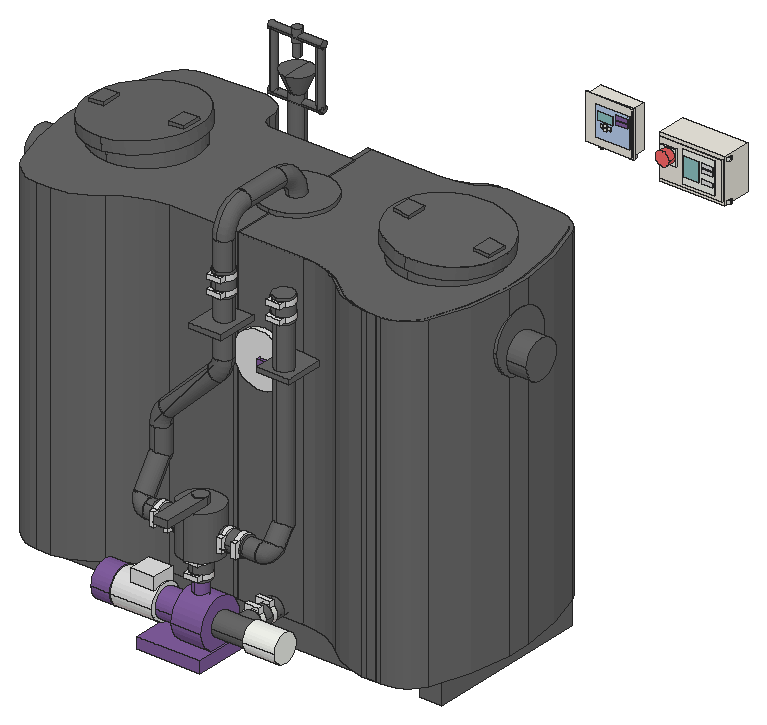
Revit family "93007.02_ms", category Generic Models, Revit 2021 (continued)
Definition of nested family "93007.02_ms_part3_X0Y0"
  Definition of nested family "93007.02_ms_part3_content"
    Forms (mm)
      Extrusion 42, solid, detail levels medium+fine
        sketch origin (-349.5, 314.9, 1244.2) x (0, 1, 0) y (0, 0, 1)
          loop
            line (0, 29.3) -> (0, 0) -> (110, 0) -> (110, 29.3) -> (0, 29.3)
        from 0 to 88
      Extrusion 43, solid, detail levels medium+fine
        sketch origin (-306, 386, 1128) x (1, 0, 0) y (0, 1, 0)
          loop
            circle (0, 0) r 31.5
        from 0 to 526.6
      Revolve 44, solid, detail levels medium+fine
        sketch origin (-111, 386, 1128) x (0, 1, 0) y (-1, 0, 0)
          loop
            circle (0, 0) r 31.5
          axis (0, 97.5) -> (-1, 97.5)
        angle from 0 to 180
      Extrusion 45, solid, detail levels medium+fine
        sketch origin (-111, 386, 1213.5) x (0, -1, 0) y (-1, 0, 0)
          loop
            circle (0, 0) r 31.5
        from 0 to 85.5
      Extrusion 46, solid, detail levels medium+fine
        sketch origin (-420.944, 385.5, 1619.31) x (0, 1, 0) y (0, 0, 1)
          loop
            circle (0, 0) r 15
        from 0 to 230
      Extrusion 47, solid, detail levels medium+fine
        sketch origin (-205.95, 385.5, 1868.27) x (1, 0, 0) y (0, -1, 0)
          loop
            circle (0, 0) r 15
        from 0 to 249.25
      Extrusion 48, solid, detail levels medium+fine
        sketch origin (-421, 385.5, 1868.27) x (0, 1, 0) y (0, 0, 1)
          loop
            circle (0, 0) r 15
        from 0 to 230
      Extrusion 49, solid, detail levels medium+fine
        sketch origin (-306, 386, 1845.9) x (1, 0, 0) y (0, 1, 0)
          loop
            circle (0, 0) r 19.25
        from 0 to 52
      Extrusion 50, solid, detail levels medium+fine
        sketch origin (-306, 386, 1787.9) x (1, 0, 0) y (0, 1, 0)
          loop
            circle (0, 0) r 14
        from 0 to 58
      Extrusion 51, solid, detail levels medium+fine
        sketch origin (-406.05, 385.5, 1868.27) x (1, 0, 0) y (0, -1, 0)
          loop
            circle (0, 0) r 15
        from 0 to 249.25
      Revolve 52, solid, detail levels medium+fine
        sketch origin (-306, 386, 1654.6) x (0, 0, 1) y (0, 1, 0)
          loop
            line (-0.5, 0) -> (81, 0) -> (81, 65) -> (-0.5, 31) -> (-0.5, 0)
          axis (81, 0) -> (-0.5, 0)
        angle from -360 to 0
      Extrusion 53, solid, detail levels medium+fine
        sketch origin (-10.5, -39.5, 113) x (1, 0, 0) y (0, 1, 0)
          loop
            line (-439.233, 490.866) -> (-401.23, 444.65) -> (-398.98, 401.88)
            arc (-398.98, 401.88) -> (-390.995, 360.34) -> (-349.1, 354.5) r 36.34
            line (-349.1, 354.5) -> (12.5, 354.349) -> (12.5, 444.5) -> (-278.77, 444.5)
            arc (-278.77, 444.5) -> (-362.02, 457.236) -> (-439.233, 490.866) r 326.113
        from 0 to 703
      Extrusion 54, solid, detail levels medium+fine
        sketch origin (-418.5, -305, 0) x (0, 1, 0) y (0, 0, 1)
          loop
            line (0, 113) -> (0, 0) -> (700, 0) -> (700, 113) -> (0, 113)
        from 0 to 990
      Extrusion 55, solid, detail levels medium+fine
        sketch origin (626.47, 0, 1292.371) x (0, 1, 0) y (-0.996195, 0, 0.087156)
          loop
            circle (0, 0) r 211
        from 0 to 281.6
      Extrusion 56, solid, detail levels medium+fine
        sketch origin (651, 0, 1572.8) x (0, 1, 0) y (-0.996195, 0, 0.087156)
          loop
            circle (0, 0) r 233
        from 0 to 51
      Extrusion 57, solid, detail levels medium+fine
        sketch origin (516.07, 41, 1635.8) x (0, -1, 0) y (0.087156, 0, 0.996195)
          loop
            line (0, 12) -> (0, -0.5) -> (82, -0.5) -> (82, 12) -> (0, 12)
        from 0 to 66
      Extrusion 58, solid, detail levels medium+fine
        sketch origin (795, -41, 1611.4) x (0, 1, 0) y (0.087156, 0, 0.996195)
          loop
            line (0, 12) -> (0, -0.5) -> (82, -0.5) -> (82, 12) -> (0, 12)
        from 0 to 66
      Extrusion 59, solid, detail levels medium+fine
        sketch origin (-626.47, 0, 1292.37) x (0, -1, 0) y (0.996195, 0, 0.087156)
          loop
            circle (0, 0) r 211
        from 0 to 281.6
      Extrusion 60, solid, detail levels medium+fine
        sketch origin (-651, 0, 1572.8) x (0, -1, 0) y (0.996195, 0, 0.087156)
          loop
            circle (0, 0) r 233
        from 0 to 51
      Extrusion 61, solid, detail levels medium+fine
        sketch origin (-516.07, -41, 1635.8) x (0, 1, 0) y (-0.087156, 0, 0.996195)
          loop
            line (0, 12) -> (0, -0.5) -> (82, -0.5) -> (82, 12) -> (0, 12)
        from 0 to 66
      Extrusion 62, solid, detail levels medium+fine
        sketch origin (-795, 41, 1611.4) x (0, -1, 0) y (-0.087156, 0, 0.996195)
          loop
            line (0, 12) -> (0, -0.5) -> (82, -0.5) -> (82, 12) -> (0, 12)
        from 0 to 66
      Extrusion 63, solid, detail levels medium+fine
        sketch origin (-111, 326, 1273.5) x (0, 0, -1) y (1, 0, 0)
          loop
            circle (0, 0) r 31.5
        from 0 to 11.1
      Revolve 64, solid, detail levels medium+fine
        sketch origin (-111, 326, 1273.5) x (0, 0, -1) y (-1, 0, 0)
          loop
            circle (0, 0) r 31.5
          axis (60, 0) -> (60, -1)
        angle from -90 to 0
      Extrusion 65, solid, detail levels medium+fine
        sketch origin (-931.8, 0, 1293) x (0, -1, 0) y (0, 0, 1)
          loop
            circle (0, 0) r 126.5
        from 0 to 34
      Extrusion 66, solid, detail levels medium+fine
        sketch origin (-965.8, 0, 1336) x (0, -1, 0) y (0, 0, 1)
          loop
            circle (0, 0) r 80
        from 0 to 137.5
      Extrusion 67, solid, detail levels medium+fine
        sketch origin (931.9, 0, 1305) x (0, 1, 0) y (0, 0, 1)
          loop
            circle (0, 0) r 126.5
        from 0 to 31
      Extrusion 68, solid, detail levels medium+fine
        sketch origin (962.9, 0, 1265) x (0, 1, 0) y (0, 0, 1)
          loop
            circle (0, 0) r 80
        from 0 to 87.5
      Extrusion 69, solid, detail levels medium+fine
        sketch origin (0, -391, 1331.5) x (0, 1, 0) y (-1, 0, 0)
          loop
            circle (0, 0) r 45
        from 0 to 20
      Extrusion 70, solid, detail levels medium+fine
        sketch origin (0, -391, 1321.5) x (0, 1, 0) y (-1, 0, 0)
          loop
            circle (0, 0) r 42
        from 0 to 100
      Extrusion 71, solid, detail levels medium+fine
        sketch origin (0, -391, 1391.5) x (0, 1, 0) y (-1, 0, 0)
          loop
            circle (0, 0) r 45
        from 0 to 20
      Extrusion 72, solid, detail levels medium+fine
        sketch origin (-30, -422, 1351.5) x (0, 0, -1) y (1, 0, 0)
          loop
            line (0, 60) -> (0, 0) -> (20, 0) -> (20, 60) -> (0, 60)
        from 0 to 25
      Extrusion 73, solid, detail levels medium+fine
        sketch origin (-30, -422, 1411.5) x (0, 0, -1) y (1, 0, 0)
          loop
            line (0, 60) -> (0, 0) -> (20, 0) -> (20, 60) -> (0, 60)
        from 0 to 25
      Revolve 74, solid, detail levels medium+fine
        sketch origin (0, -391, 1539) x (0, 1, 0) y (-1, 0, 0)
          loop
            circle (0, 0) r 37.5
          axis (100, 0) -> (100, -1)
        angle from -90 to 0
      Extrusion 75, solid, detail levels medium+fine
        sketch origin (154.75, -243, 135) x (0, 0, -1) y (1, 0, 0)
          loop
            circle (0, 0) r 42
        from 0 to 113
      Extrusion 76, solid, detail levels medium+fine
        sketch origin (154.75, -353, 135) x (0, 0, -1) y (1, 0, 0)
          loop
            circle (0, 0) r 45
        from 0 to 20
      Extrusion 77, solid, detail levels medium+fine
        sketch origin (184.75, -373, 166) x (0, 1, 0) y (-1, 0, 0)
          loop
            line (0, 60) -> (0, 0) -> (20, 0) -> (20, 60) -> (0, 60)
        from 0 to 25
      Extrusion 78, solid, detail levels medium+fine
        sketch origin (154.75, -511.5, 135) x (-1, 0, 0) y (0, 0, 1)
          loop
            circle (0, 0) r 40
        from 0 to 196.5
      Extrusion 79, solid, detail levels medium+fine
        sketch origin (154.75, -413, 135) x (0, 0, -1) y (1, 0, 0)
          loop
            circle (0, 0) r 45
        from 0 to 20
      Extrusion 80, solid, detail levels medium+fine
        sketch origin (184.75, -433, 166) x (0, 1, 0) y (-1, 0, 0)
          loop
            line (0, 60) -> (0, 0) -> (20, 0) -> (20, 60) -> (0, 60)
        from 0 to 25
      Extrusion 81, solid, detail levels medium+fine
        sketch origin (82.5, -514, 135) x (0, 1, 0) y (0, 0, 1)
          loop
            circle (0, 0) r 50
        from 0 to 144.5
      Extrusion 82, solid, detail levels medium+fine
        sketch origin (-47, -514, 135) x (0, 1, 0) y (0, 0, 1)
          loop
            circle (0, 0) r 101
        from 0 to 129.5
      Extrusion 83, solid, detail levels medium+fine
        sketch origin (0, -514, 284) x (-1, 0, 0) y (0, 1, 0)
          loop
            circle (0, 0) r 31.5
        from 0 to 149
      Extrusion 84, solid, detail levels medium+fine
        sketch origin (-152, -514, 135) x (0, 1, 0) y (0, 0, 1)
          loop
            circle (0, 0) r 60
        from 0 to 105
      Extrusion 85, solid, detail levels medium+fine
        sketch origin (0, -514, 284) x (0, 1, 0) y (-1, 0, 0)
          loop
            circle (0, 0) r 42
        from 0 to 100
      Extrusion 86, solid, detail levels medium+fine
        sketch origin (0, -514, 294) x (0, 1, 0) y (-1, 0, 0)
          loop
            circle (0, 0) r 45
        from 0 to 20
      Extrusion 87, solid, detail levels medium+fine
        sketch origin (0, -514, 354) x (0, 1, 0) y (-1, 0, 0)
          loop
            circle (0, 0) r 45
        from 0 to 20
      Extrusion 88, solid, detail levels medium+fine
        sketch origin (-30, -545, 314) x (0, 0, -1) y (1, 0, 0)
          loop
            line (0, 60) -> (0, 0) -> (20, 0) -> (20, 60) -> (0, 60)
        from 0 to 25
      Extrusion 89, solid, detail levels medium+fine
        sketch origin (-30, -545, 374) x (0, 0, -1) y (1, 0, 0)
          loop
            line (0, 60) -> (0, 0) -> (20, 0) -> (20, 60) -> (0, 60)
        from 0 to 25
      Extrusion 90, solid, detail levels medium+fine
        sketch origin (97.5, -410, 0) x (0, -1, 0) y (0, 0, 1)
          loop
            line (0, 48) -> (0, 0) -> (230, 0) -> (230, 48) -> (0, 48)
        from 0 to 272
      Extrusion 91, solid, detail levels medium+fine
        sketch origin (227, -514, 135) x (0, 1, 0) y (0, 0, 1)
          loop
            circle (0, 0) r 58.5
        from 0 to 135.5
      Extrusion 92, solid, detail levels medium+fine
        sketch origin (-333, -514, 135) x (0, 1, 0) y (0, 0, 1)
          loop
            circle (0, 0) r 73.5
        from 0 to 181
      Extrusion 93, solid, detail levels medium+fine
        sketch origin (-262, -564.5, 188.5) x (0, 1, 0) y (0, 0, 1)
          loop
            line (0, 60) -> (0, 5) -> (100, 5) -> (100, 60) -> (0, 60)
        from 0 to 100
      Extrusion 94, solid, detail levels medium+fine
        sketch origin (-413, -514, 135) x (0, 1, 0) y (0, 0, 1)
          loop
            circle (0, 0) r 73.5
        from 0 to 80
      Extrusion 95, solid, detail levels medium+fine
        sketch origin (771.5, -305, 0) x (0, 1, 0) y (0, 0, 1)
          loop
            line (0, 113) -> (0, 0) -> (700, 0) -> (700, 113) -> (0, 113)
        from 0 to 96
      Extrusion 96, solid, detail levels medium+fine
        sketch origin (0, 0, 1523) x (0, 1, 0) y (-1, 0, 0)
          loop
            circle (0, 0) r 148.5
        from 0 to 16.03
      Revolve 97, solid, detail levels medium+fine
        sketch origin (0, -0.5, 1539) x (0, -1, 0) y (1, 0, 0)
          loop
            circle (0, 0) r 37.5
          axis (100, 0) -> (100, -1)
        angle from -90 to 0
      Extrusion 98, solid, detail levels medium+fine
        sketch origin (0, -291, 1639) x (-1, 0, 0) y (0, 0, 1)
          loop
            circle (0, 0) r 37.5
        from 0 to 190.5
      Extrusion 99, solid, detail levels coarse
        sketch origin (-26.45, -125.971, 0) x (1, 0, 0) y (0, 1, 0)
          loop
            line (-1076.85, -604.029) -> (1076.85, -604.029) -> (1076.85, 604.029) -> (-1076.85, 604.029) -> (-1076.85, -604.029)
        from 0 to 1897.9
    Dimensions and locks
      aligned and locked: level to plane 2
